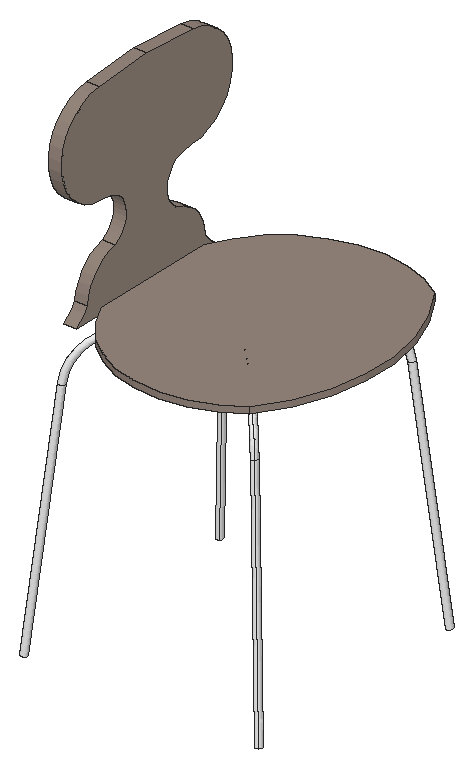
Revit family "Chair 1", category Furniture, Revit 2025
Family settings
  Work Plane-Based = No
  Enable Cutting in Views = No
  Always vertical = Yes
  Cut with Voids When Loaded = No
  Render Appearance Source = Family Geometry
  Shared = No
  Room Calculation Point = No
Parameters
  Keynote = "12600"
  Manufacturer = ""
  Default Elevation = 0 mm
  Bracket Material = Herman Miller - Finish 47 Trivalent Chrome
  Model = ""
  Cushion/Chair Back Material = Herman Miller - Veneer Z5 Maple
Reference planes
  plane 1 "Center F/B": y = -198.997
  plane 2: z = 0
  plane 3 "Center L/R": x = -1.022
Forms (mm)
  Sweep 1, solid, material "Herman Miller - Finish 47 Trivalent Chrome" <- "Bracket Material"
    path origin (61.052, -65.204, 45) x (0, 0, -1) y (0.707107, -0.707107, 0)
      loop
        line (45, -82.843) -> (-332.364, -36.508)
        arc (-332.364, -36.508) -> (-382.531, -10.114) -> (-402.615, 42.895) r 80
        line (-402.615, 42.895) -> (-402.615, 181.322)
    profile origin (18.855, -23.007, 188.682) x (-0.701836, 0.701836, 0.121869) y (-0.707107, -0.707107, 0)
      loop
        circle (0, 0) r 5
  Sweep 2, solid, material "Herman Miller - Finish 47 Trivalent Chrome" <- "Bracket Material"
    path origin (57.516, -325.168, 45) x (0, 0, -1) y (0.707107, 0.707107, 0)
      loop
        line (45, -82.843) -> (-332.364, -36.508)
        arc (-332.364, -36.508) -> (-382.531, -10.114) -> (-402.615, 42.895) r 80
        line (-402.615, 42.895) -> (-402.615, 181.322)
    profile origin (15.319, -367.364, 188.682) x (-0.701836, -0.701836, 0.121869) y (0.707107, -0.707107, 0)
      loop
        circle (0, 0) r 5
  Sweep 3, solid, material "Herman Miller - Finish 47 Trivalent Chrome" <- "Bracket Material"
    path origin (303.338, -65.204, 45) x (0, 0, -1) y (0.707107, 0.707107, 0)
      loop
        line (45, 82.843) -> (-332.364, 36.508)
        arc (-332.364, 36.508) -> (-382.531, 10.114) -> (-402.615, -42.895) r 80
        line (-402.615, -42.895) -> (-402.615, -181.322)
    profile origin (345.535, -23.007, 188.682) x (0.701836, 0.701836, 0.121869) y (-0.707107, 0.707107, 0)
      loop
        circle (0, 0) r 5
  Sweep 4, solid, material "Herman Miller - Finish 47 Trivalent Chrome" <- "Bracket Material"
    path origin (306.873, -325.168, 45) x (0, 0, -1) y (0.707107, -0.707107, 0)
      loop
        line (45, 82.843) -> (-332.364, 36.508)
        arc (-332.364, 36.508) -> (-382.531, 10.114) -> (-402.615, -42.895) r 80
        line (-402.615, -42.895) -> (-402.615, -181.322)
    profile origin (349.07, -367.364, 188.682) x (0.701836, -0.701836, 0.121869) y (0.707107, 0.707107, 0)
      loop
        circle (0, 0) r 5
  Extrusion 5, solid, material "Herman Miller - Veneer Z5 Maple" <- "Cushion/Chair Back Material"
    sketch origin (0, 0, 0) x (1, 0, 0) y (0, 1, 0)
      loop
        arc (340, -9.099) -> (152.776, 17.913) -> (32.728, -128.274) r 192.616
        line (32.728, -128.274) -> (32.728, -249.923)
        arc (32.728, -249.923) -> (152.776, -396.11) -> (340, -369.099) r 192.616
        arc (340, -369.099) -> (400.673, -189.099) -> (340, -9.099) r 297.34
    from 450 to 460
  Extrusion 6, solid, material "Herman Miller - Veneer Z5 Maple" <- "Cushion/Chair Back Material"
    sketch origin (390, -409.099, -27.081) x (0, 0, -1) y (0, 1, 0)
      loop
        arc (-498.809, 95.839) -> (-486.21, 86.065) -> (-477.081, 72.99) r 53.087
        line (-477.081, 72.99) -> (-477.081, 347.212)
        arc (-477.081, 347.212) -> (-486.21, 334.138) -> (-498.809, 324.364) r 53.087
        arc (-498.809, 324.364) -> (-539.073, 308.301) -> (-561.143, 270.989) r 67.175
        arc (-561.143, 270.989) -> (-601.737, 249.17) -> (-634.197, 281.887) r 38.521
        line (-634.197, 281.887) -> (-636.604, 298.938)
        arc (-636.604, 298.938) -> (-714.694, 376.726) -> (-796.127, 302.444) r 79.872
        line (-796.127, 302.444) -> (-802.584, 210.101) -> (-796.127, 117.759)
        arc (-796.127, 117.759) -> (-714.694, 43.477) -> (-636.604, 121.265) r 79.872
        line (-636.604, 121.265) -> (-634.197, 138.316)
        arc (-634.197, 138.316) -> (-601.737, 171.033) -> (-561.143, 149.213) r 38.521
        arc (-561.143, 149.213) -> (-539.073, 111.901) -> (-498.809, 95.839) r 67.175
    from -367.272 to -347.272
Dimensions and locks
  aligned and locked: plane 1 "Center F/B" to Extrusion 6
